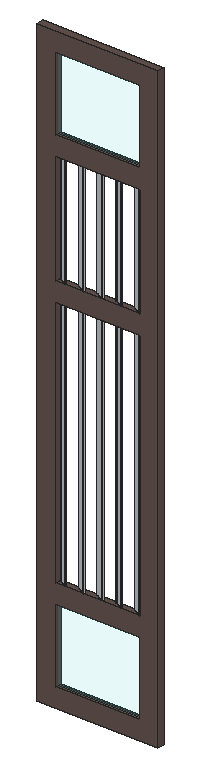
Revit family "RYN_WIN_1 Panel_VirticleLouvers_T2_NoHost", category Windows, Revit 2025
Family settings
  Work Plane-Based = No
  Always vertical = Yes
  Cut with Voids When Loaded = No
  Shared = No
  Room Calculation Point = No
Parameters (values of type "W1300 X H4200 mm")
  Virtical Louver = no
  Top Lvr Height = 1200 mm
  RYN_WIN_Width = 1300 mm
  RYN_WIN_PanelWidth = RYN_WIN_Width - 2 * RYN_WIN_FrameDepth  # 900 mm
  RYN_WIN_Height = 6500 mm
  RYN_WIN_GlassThickness = 10 mm
  RYN_WIN_FrameThickness = 75 mm
  RYN_WIN_FrameDepth = 200 mm
  RYN_Material_WindowFrame = Door - Frame
  RYN_Material_Louver = Door - Panel
  RYN_Material_Glass = Door - GLASS
  Lvr Blade Width = 60 mm
  Lvr Blade Thickness = 10 mm
  Lvr Blade Side Length = 10 mm
  Lvr Blade Depth = 100 mm
  Louver Numbers = 5
  Define Thermal Properties by = Schematic Type
  Default Elevation = 0 mm
  Glass Panel = 1000 mm
  Bottom Lvr Height = RYN_WIN_Height - 2 * Glass Panel - Top Lvr Height - 3 * RYN_WIN_FrameDepth  # 2700 mm
  Analytic Construction = "<None>"
Reference planes
  plane 1 "Center (Front/Back)": y = 0
  plane 2: z = 0
  plane 3 "Center (Left/Right)": x = 0
  plane 4: x = -650
  plane 5: z = 5500
  plane 6: x = 650
  plane 7: z = 4100
  plane 8: z = 3900
  plane 9: z = 200
  plane 10: y = 37.5
  plane 11: y = -37.5
  plane 12: z = 6500
  plane 13: z = 1000
  plane 14: z = 5300
  plane 15: z = 1200
  plane 16: y = 5
  plane 17: y = -5
  plane 18: x = -450
  plane 19: x = 450
  plane 20: z = 6300
Forms (mm)
  Sweep 1, solid, material "Door - Frame" <- "RYN_Material_WindowFrame"
    path origin (0, 0, 0) x (1, 0, 0) y (0, 0, 1)
      loop
        line (-650, 0) -> (650, 0) -> (650, 6500) -> (-650, 6500) -> (-650, 0)
    profile origin (0, 0, 0) x (0, 0, 1) y (0, -1, 0)
      loop
        line (200, -37.5) -> (200, 37.5) -> (0, 37.5) -> (0, -37.5) -> (200, -37.5)
  Extrusion 2, solid, material "Door - Frame" <- "RYN_Material_WindowFrame"
    sketch origin (0, 0, 0) x (1, 0, 0) y (0, 0, 1)
      loop
        line (-450, 3900) -> (450, 3900) -> (450, 4100) -> (-450, 4100) -> (-450, 3900)
      loop
        line (-450, 5300) -> (450, 5300) -> (450, 5500) -> (-450, 5500) -> (-450, 5300)
      loop
        line (-450, 1000) -> (450, 1000) -> (450, 1200) -> (-450, 1200) -> (-450, 1000)
    from -37.5 to 37.5
  Extrusion 3, solid, material "Door - GLASS" <- "RYN_Material_Glass"
    sketch origin (0, 0, 0) x (1, 0, 0) y (0, 0, 1)
      loop
        line (-450, 200) -> (450, 200) -> (450, 1000) -> (-450, 1000) -> (-450, 200)
      loop
        line (-450, 5500) -> (450, 5500) -> (450, 6300) -> (-450, 6300) -> (-450, 5500)
    from -5 to 5
Cuts and joins
  joined: Sweep 1, Extrusion 2
Dimensions and locks
  plane 12 to plane 2 = 6500 mm
  equal spacing: plane 6, plane 3 "Center (Left/Right)", plane 4
  "RYN_WIN_Width": plane 6 to plane 4
  equal spacing: Sweep 1 sketch curve, profile plane, Sweep 1 sketch curve
  "RYN_WIN_FrameThickness": Sweep 1 sketch curve to Sweep 1 sketch curve
  "RYN_WIN_FrameDepth": profile plane to Sweep 1 sketch curve
  "RYN_WIN_FrameDepth": plane 7 to plane 8
  "RYN_WIN_FrameDepth": plane 9 to plane 2
  equal spacing: Extrusion 2 sketch curve, plane 3 "Center (Left/Right)", Extrusion 2 sketch curve  (x3)
  "RYN_WIN_PanelWidth": Extrusion 2 sketch curve to Extrusion 2 sketch curve  (x3)
  equal spacing: plane 10, plane 1 "Center (Front/Back)", plane 11
  "RYN_WIN_FrameThickness": plane 10 to plane 11
  "Glass Panel": plane 12 to plane 5
  "RYN_WIN_FrameDepth": plane 5 to plane 14
  "RYN_WIN_FrameDepth": plane 15 to plane 13
  "Glass Panel": plane 13 to level
  "Top Lvr Height": plane 14 to plane 7
  "Bottom Lvr Height": plane 8 to plane 15
  equal spacing: plane 17, plane 1 "Center (Front/Back)", plane 16
  "RYN_WIN_GlassThickness": plane 16 to plane 17
  "RYN_WIN_FrameDepth": plane 18 to plane 4
  "RYN_WIN_FrameDepth": plane 19 to plane 6
  "RYN_WIN_FrameDepth": plane 12 to plane 20
  aligned and locked: level to plane 2
  aligned and locked: Sweep 1 sketch curve to plane 2
  aligned and locked: Sweep 1 sketch curve to plane 4
  aligned and locked: Sweep 1 sketch curve to plane 6
  aligned and locked: profile plane to Sweep 1 sketch curve
  aligned and locked: plane 3 "Center (Left/Right)" to nested 1
  aligned and locked: nested 2 to plane 7
  aligned and locked: plane 3 "Center (Left/Right)" to nested 2
  aligned and locked: Extrusion 2 sketch curve to plane 8
  aligned and locked: plane 7 to Extrusion 2 sketch curve
  aligned and locked: Extrusion 2 to plane 10
  aligned and locked: plane 11 to Extrusion 2
  aligned and locked: plane 1 "Center (Front/Back)" to nested 2
  aligned and locked: plane 1 "Center (Front/Back)" to nested 1
  aligned and locked: plane 12 to Sweep 1 sketch curve
  aligned and locked: plane 5 to Extrusion 2 sketch curve
  aligned and locked: Extrusion 2 sketch curve to plane 14
  aligned and locked: nested 1 to plane 15
  aligned and locked: plane 15 to Extrusion 2 sketch curve
  aligned and locked: Extrusion 2 sketch curve to plane 13
  aligned and locked: Extrusion 3 to plane 16
  aligned and locked: plane 17 to Extrusion 3
  aligned and locked: plane 20 to Extrusion 3 sketch curve
  aligned and locked: plane 19 to Extrusion 3 sketch curve  (x2)
  aligned and locked: Extrusion 3 sketch curve to plane 18  (x2)
  aligned and locked: Extrusion 3 sketch curve to plane 5
  aligned and locked: plane 13 to Extrusion 3 sketch curve
  aligned and locked: Extrusion 3 sketch curve to plane 9
Nested families
  nested 1: "VIRTICAL LOUVER SET - BOTTOM" at (0, 0, 1200), type "BOTTOM"
    with Lvr Blade Depth 100 mm, LVR NOS 5, LVR WIDTH 900 mm, LVR HEIGHT 2700 mm, LVR DIST 540 mm
  nested 2: "VIRTICAL LOUVER SET - TOP" at (0, 0, 4100), type "TOP"
    with Lvr Blade Depth 100 mm, LVR NOS 5, LVR WIDTH 900 mm, LVR HEIGHT 1200 mm, LVR DIST 240 mm
Definition of nested family "VIRTICAL LOUVER SET - BOTTOM"
  Parameters (values of type "VIRTICAL LOUVER SET")
    Lvr Blade Width = 60 mm
    Lvr Blade Thickness = 10 mm
    Lvr Blade Side Length = 10 mm
    Lvr Blade Depth = 50 mm
    Louvers = Louver : Louver
    LVR NOS = 10
    Louver = none
    LVR WIDTH = 800 mm
    LVR HEIGHT = 1400 mm
    LVR DIST = LVR HEIGHT / LVR NOS  # 140 mm
    Default Elevation = 0 mm
  Reference planes
    plane 1 "Center (Front/Back)": y = 0
    plane 2: z = 0
    plane 3 "Center (Left/Right)": x = 0
    plane 4: x = 400
    plane 5: z = 1400
    plane 6: x = -400
    plane 7: x = -260
  Dimensions and locks
    "LVR WIDTH": plane 4 to plane 6
    equal spacing: plane 4, plane 3 "Center (Left/Right)", plane 6
    "LVR HEIGHT": plane 5 to plane 2
    "LVR DIST": plane 7 to plane 6
    equal spacing: group 2, group 4, group 5, group 6, group 7, group 8, group 9, group 10, group 11, group 3  (x3)
    aligned and locked: level to plane 2
    aligned and locked: nested 2 to plane 2
    aligned and locked: plane 6 to nested 2
    aligned and locked: nested 3 to plane 2
    aligned and locked: nested 3 to plane 4
    aligned and locked: plane 1 "Center (Front/Back)" to nested 2
    aligned and locked: plane 1 "Center (Front/Back)" to nested 3
  Nested families
    nested 1: "LOUVER GEN MOD" at (999.017, 28.75, 1534.445), type "LOUVER GEN MOD", not visible
      with LENGTH 800 mm
    nested 2: "LOUVER GEN MOD - VIRTICAL" at (-375, 0, 700), type "LOUVER GEN MOD - VIRTICAL"
      with Lvr Blade Width 60 mm, Lvr Blade Thickness 10 mm, Lvr Blade Depth 50 mm, LENGTH 1400 mm
    nested 3: "LOUVER GEN MOD - VIRTICAL" at (375, 0, 700), type "LOUVER GEN MOD - VIRTICAL"
      with Lvr Blade Width 60 mm, Lvr Blade Thickness 10 mm, Lvr Blade Depth 50 mm, LENGTH 1400 mm
    nested 4: "LOUVER GEN MOD - VIRTICAL" at (-291.667, 0, 700), type "LOUVER GEN MOD - VIRTICAL"
      with Lvr Blade Width 60 mm, Lvr Blade Thickness 10 mm, Lvr Blade Depth 50 mm, LENGTH 1400 mm
    nested 5: "LOUVER GEN MOD - VIRTICAL" at (-208.333, 0, 700), type "LOUVER GEN MOD - VIRTICAL"
      with Lvr Blade Width 60 mm, Lvr Blade Thickness 10 mm, Lvr Blade Depth 50 mm, LENGTH 1400 mm
    nested 6: "LOUVER GEN MOD - VIRTICAL" at (-125, 0, 700), type "LOUVER GEN MOD - VIRTICAL"
      with Lvr Blade Width 60 mm, Lvr Blade Thickness 10 mm, Lvr Blade Depth 50 mm, LENGTH 1400 mm
    nested 7: "LOUVER GEN MOD - VIRTICAL" at (-41.667, 0, 700), type "LOUVER GEN MOD - VIRTICAL"
      with Lvr Blade Width 60 mm, Lvr Blade Thickness 10 mm, Lvr Blade Depth 50 mm, LENGTH 1400 mm
    nested 8: "LOUVER GEN MOD - VIRTICAL" at (41.667, 0, 700), type "LOUVER GEN MOD - VIRTICAL"
      with Lvr Blade Width 60 mm, Lvr Blade Thickness 10 mm, Lvr Blade Depth 50 mm, LENGTH 1400 mm
    nested 9: "LOUVER GEN MOD - VIRTICAL" at (125, 0, 700), type "LOUVER GEN MOD - VIRTICAL"
      with Lvr Blade Width 60 mm, Lvr Blade Thickness 10 mm, Lvr Blade Depth 50 mm, LENGTH 1400 mm
    nested 10: "LOUVER GEN MOD - VIRTICAL" at (208.333, 0, 700), type "LOUVER GEN MOD - VIRTICAL"
      with Lvr Blade Width 60 mm, Lvr Blade Thickness 10 mm, Lvr Blade Depth 50 mm, LENGTH 1400 mm
    nested 11: "LOUVER GEN MOD - VIRTICAL" at (291.667, 0, 700), type "LOUVER GEN MOD - VIRTICAL"
      with Lvr Blade Width 60 mm, Lvr Blade Thickness 10 mm, Lvr Blade Depth 50 mm, LENGTH 1400 mm
  Definition of nested family "LOUVER GEN MOD"
    Parameters (values of type "LOUVER GEN MOD")
      LVR MATERIAL = none
      LENGTH = 750 mm
      Default Elevation = 0 mm
    Reference planes
      plane 1 "Center (Front/Back)": y = 0
      plane 2: z = 0
      plane 3 "Center (Left/Right)": x = 0
    Forms (mm)
      Extrusion 1, solid, material <- "LVR MATERIAL"
        sketch origin (0, -3.632, -132.296) x (0, 1, 0) y (0, 0, 1)
          loop
            line (-15.118, 103.546) -> (-12.618, 103.546) -> (-12.618, 112.511) -> (24.882, 150.011) -> (24.882, 160.011) -> (22.382, 160.011) -> (22.382, 151.046) -> (-15.118, 113.546) -> (-15.118, 103.546)
        from -375 to 375
    Dimensions and locks
      "LENGTH": Extrusion 1 to Extrusion 1
      equal spacing: Extrusion 1, plane 3 "Center (Left/Right)", Extrusion 1
      aligned and locked: level to plane 2
    Automatic sketch dimensions
      plane 1 "Center (Front/Back)" to Extrusion 1 sketch curve = 18.75 mm
      Extrusion 1 sketch curve to Extrusion 1 sketch curve = 2.5 mm  (x2)
      Extrusion 1 sketch curve to plane 1 "Center (Front/Back)" = 18.75 mm
      Extrusion 1 sketch curve to level = 28.75 mm
      Extrusion 1 sketch curve to Extrusion 1 sketch curve = 8.964 mm  (x2)
      Extrusion 1 sketch curve to Extrusion 1 sketch curve = 1.036 mm  (x2)
      level to Extrusion 1 sketch curve = 17.714 mm
  Definition of nested family "LOUVER GEN MOD - VIRTICAL"
    Parameters (values of type "LOUVER GEN MOD - VIRTICAL")
      Lvr Blade Width = 57.5 mm
      Lvr Blade Thickness = 2.5 mm
      Lvr Blade Side Length = 10 mm
      Lvr Blade Depth = 37.5 mm
      LVR MATERIAL = none
      LENGTH = 800 mm
      Default Elevation = 0 mm
    Reference planes
      plane 1 "Center (Front/Back)": y = 0
      plane 2: z = 0
      plane 3 "Center (Left/Right)": x = 0
      plane 4: x = -18.75
      plane 5: x = 18.75
      plane 6: y = 28.75
      plane 7: y = -28.75
      plane 8: z = 400
      plane 9: z = -400
    Forms (mm)
      Extrusion 1, solid
        sketch origin (0, 0, 0) x (1, 0, 0) y (0, 1, 0)
          loop
            line (18.75, -28.75) -> (18.75, -18.75) -> (-16.25, 19.717) -> (-16.25, 28.75) -> (-18.75, 28.75) -> (-18.75, 18.75) -> (16.25, -19.717) -> (16.25, -28.75) -> (18.75, -28.75)
        from -400 to 400
    Dimensions and locks
      "Lvr Blade Thickness": Extrusion 1 sketch curve to Extrusion 1 sketch curve  (x3)
      "Lvr Blade Depth": plane 4 to plane 5
      equal spacing: plane 4, plane 3 "Center (Left/Right)", plane 5
      "Lvr Blade Side Length": plane 6 to Extrusion 1 sketch curve
      "Lvr Blade Side Length": Extrusion 1 sketch curve to plane 7
      equal spacing: plane 6, plane 1 "Center (Front/Back)", plane 7
      "Lvr Blade Width": plane 6 to plane 7
      "LENGTH": plane 8 to plane 9
      equal spacing: plane 8, plane 2, plane 9
      aligned and locked: level to plane 2
      aligned and locked: plane 4 to Extrusion 1 sketch curve
      aligned and locked: plane 5 to Extrusion 1 sketch curve
      aligned and locked: plane 7 to Extrusion 1 sketch curve
      aligned and locked: plane 6 to Extrusion 1 sketch curve
      aligned and locked: plane 9 to Extrusion 1
      aligned and locked: plane 8 to Extrusion 1
Definition of nested family "VIRTICAL LOUVER SET - TOP"
  Parameters (values of type "VIRTICAL LOUVER SET")
    Lvr Blade Width = 60 mm
    Lvr Blade Thickness = 10 mm
    Lvr Blade Side Length = 10 mm
    Lvr Blade Depth = 50 mm
    Louvers = LOUVER GEN MOD - VIRTICAL : LOUVER GEN MOD - VIRTICAL
    LVR NOS = 7
    Louver = none
    LVR WIDTH = 800 mm
    LVR HEIGHT = 1400 mm
    LVR DIST = LVR HEIGHT / LVR NOS  # 200 mm
    Default Elevation = 0 mm
  Reference planes
    plane 1 "Center (Front/Back)": y = 0
    plane 2: z = 0
    plane 3 "Center (Left/Right)": x = 0
    plane 4: x = 400
    plane 5: z = 1400
    plane 6: x = -400
    plane 7: x = -200
  Dimensions and locks
    "LVR WIDTH": plane 4 to plane 6
    equal spacing: plane 4, plane 3 "Center (Left/Right)", plane 6
    "LVR HEIGHT": plane 5 to plane 2
    "LVR DIST": plane 7 to plane 6
    equal spacing: group 2, group 4, group 5, group 6, group 7, group 8, group 3  (x3)
    aligned and locked: level to plane 2
    aligned and locked: nested 2 to plane 2
    aligned and locked: plane 6 to nested 2
    aligned and locked: nested 3 to plane 2
    aligned and locked: nested 3 to plane 4
    aligned and locked: plane 1 "Center (Front/Back)" to nested 2
    aligned and locked: plane 1 "Center (Front/Back)" to nested 3
  Nested families
    nested 1: "LOUVER GEN MOD" at (999.017, 28.75, 1534.445), type "LOUVER GEN MOD", not visible
      with LENGTH 800 mm
    nested 2: "LOUVER GEN MOD - VIRTICAL" at (-375, 0, 700), type "LOUVER GEN MOD - VIRTICAL"
      with Lvr Blade Width 60 mm, Lvr Blade Thickness 10 mm, Lvr Blade Depth 50 mm, LENGTH 1400 mm
    nested 3: "LOUVER GEN MOD - VIRTICAL" at (375, 0, 700), type "LOUVER GEN MOD - VIRTICAL"
      with Lvr Blade Width 60 mm, Lvr Blade Thickness 10 mm, Lvr Blade Depth 50 mm, LENGTH 1400 mm
    nested 4: "LOUVER GEN MOD - VIRTICAL" at (-250, 0, 700), type "LOUVER GEN MOD - VIRTICAL"
      with Lvr Blade Width 60 mm, Lvr Blade Thickness 10 mm, Lvr Blade Depth 50 mm, LENGTH 1400 mm
    nested 5: "LOUVER GEN MOD - VIRTICAL" at (-125, 0, 700), type "LOUVER GEN MOD - VIRTICAL"
      with Lvr Blade Width 60 mm, Lvr Blade Thickness 10 mm, Lvr Blade Depth 50 mm, LENGTH 1400 mm
    nested 6: "LOUVER GEN MOD - VIRTICAL" at (0, 0, 700), type "LOUVER GEN MOD - VIRTICAL"
      with Lvr Blade Width 60 mm, Lvr Blade Thickness 10 mm, Lvr Blade Depth 50 mm, LENGTH 1400 mm
    nested 7: "LOUVER GEN MOD - VIRTICAL" at (125, 0, 700), type "LOUVER GEN MOD - VIRTICAL"
      with Lvr Blade Width 60 mm, Lvr Blade Thickness 10 mm, Lvr Blade Depth 50 mm, LENGTH 1400 mm
    nested 8: "LOUVER GEN MOD - VIRTICAL" at (250, 0, 700), type "LOUVER GEN MOD - VIRTICAL"
      with Lvr Blade Width 60 mm, Lvr Blade Thickness 10 mm, Lvr Blade Depth 50 mm, LENGTH 1400 mm
  Definition of nested family "LOUVER GEN MOD"
    Parameters (values of type "LOUVER GEN MOD")
      LVR MATERIAL = none
      LENGTH = 750 mm
      Default Elevation = 0 mm
    Reference planes
      plane 1 "Center (Front/Back)": y = 0
      plane 2: z = 0
      plane 3 "Center (Left/Right)": x = 0
    Forms (mm)
      Extrusion 1, solid, material <- "LVR MATERIAL"
        sketch origin (0, -3.632, -132.296) x (0, 1, 0) y (0, 0, 1)
          loop
            line (-15.118, 103.546) -> (-12.618, 103.546) -> (-12.618, 112.511) -> (24.882, 150.011) -> (24.882, 160.011) -> (22.382, 160.011) -> (22.382, 151.046) -> (-15.118, 113.546) -> (-15.118, 103.546)
        from -375 to 375
    Dimensions and locks
      "LENGTH": Extrusion 1 to Extrusion 1
      equal spacing: Extrusion 1, plane 3 "Center (Left/Right)", Extrusion 1
      aligned and locked: level to plane 2
    Automatic sketch dimensions
      plane 1 "Center (Front/Back)" to Extrusion 1 sketch curve = 18.75 mm
      Extrusion 1 sketch curve to Extrusion 1 sketch curve = 2.5 mm  (x2)
      Extrusion 1 sketch curve to plane 1 "Center (Front/Back)" = 18.75 mm
      Extrusion 1 sketch curve to level = 28.75 mm
      Extrusion 1 sketch curve to Extrusion 1 sketch curve = 8.964 mm  (x2)
      Extrusion 1 sketch curve to Extrusion 1 sketch curve = 1.036 mm  (x2)
      level to Extrusion 1 sketch curve = 17.714 mm
  Definition of nested family "LOUVER GEN MOD - VIRTICAL"
    Parameters (values of type "LOUVER GEN MOD - VIRTICAL")
      Lvr Blade Width = 57.5 mm
      Lvr Blade Thickness = 2.5 mm
      Lvr Blade Side Length = 10 mm
      Lvr Blade Depth = 37.5 mm
      LVR MATERIAL = none
      LENGTH = 800 mm
      Default Elevation = 0 mm
    Reference planes
      plane 1 "Center (Front/Back)": y = 0
      plane 2: z = 0
      plane 3 "Center (Left/Right)": x = 0
      plane 4: x = -18.75
      plane 5: x = 18.75
      plane 6: y = 28.75
      plane 7: y = -28.75
      plane 8: z = 400
      plane 9: z = -400
    Forms (mm)
      Extrusion 1, solid
        sketch origin (0, 0, 0) x (1, 0, 0) y (0, 1, 0)
          loop
            line (18.75, -28.75) -> (18.75, -18.75) -> (-16.25, 19.717) -> (-16.25, 28.75) -> (-18.75, 28.75) -> (-18.75, 18.75) -> (16.25, -19.717) -> (16.25, -28.75) -> (18.75, -28.75)
        from -400 to 400
    Dimensions and locks
      "Lvr Blade Thickness": Extrusion 1 sketch curve to Extrusion 1 sketch curve  (x3)
      "Lvr Blade Depth": plane 4 to plane 5
      equal spacing: plane 4, plane 3 "Center (Left/Right)", plane 5
      "Lvr Blade Side Length": plane 6 to Extrusion 1 sketch curve
      "Lvr Blade Side Length": Extrusion 1 sketch curve to plane 7
      equal spacing: plane 6, plane 1 "Center (Front/Back)", plane 7
      "Lvr Blade Width": plane 6 to plane 7
      "LENGTH": plane 8 to plane 9
      equal spacing: plane 8, plane 2, plane 9
      aligned and locked: level to plane 2
      aligned and locked: plane 4 to Extrusion 1 sketch curve
      aligned and locked: plane 5 to Extrusion 1 sketch curve
      aligned and locked: plane 7 to Extrusion 1 sketch curve
      aligned and locked: plane 6 to Extrusion 1 sketch curve
      aligned and locked: plane 9 to Extrusion 1
      aligned and locked: plane 8 to Extrusion 1
